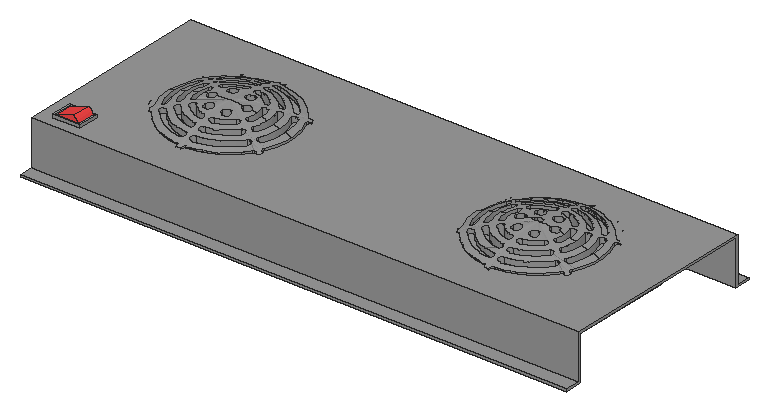
Revit family "ITK Вентиляторная панель с выключателем_21М", category Электрооборудование, Revit 2016
Family settings
  Тип детали = Другая панель
  Размер круглого соединителя = Использовать диаметр
  На основе рабочей плоскости = Нет
  Всегда вертикально = Да
  При загрузке вырезать с полостями = Нет
  Общий = Нет
  Точка расчета площади = Нет
Parameters (values of type "FM35-21M")
  Ширина = 470 mm
  Степень защиты = "IP20"
  Совместимость = "Linea N, W"
  Описание = "Панели вентиляторные ITK серии ПВ предназначены для установки и использования в настенных шкафах серии LINEA W и сетевых шкафах LINEA N для организации принудительного охлаждения и вентиляции установленного в них активного (серверы, дисковые массивы, коммутаторы, ИБП и др.) оборудования и вывода из шкафа горячего воздуха.\r\n\r\nПанели серии ПВ комплектуются выключателем со светоиндикацией, имеют два или три вентиляторных модуля и в зависимости от модели могут оснащаться биметаллическим термостатом (тип NO).\r\nДиапазон регулировки температуры термостата: от 0 до 60°С.\r\nНоминальное рабочее напряжение: 230В. Частота тока: 50Гц.\r\nМинимальный срок службы: 50 тыс. часов.\r\nПодача рабочего напряжения на вентиляторную панель осуществляется через встроенный разъем питания С14 10А/250В.\r\n\r\nВнимание! Кабель электропитания для подключения к сети в комплект поставки не входит.\r\n\r\nВентиляторные панели устанавливаются в крыше шкафа на специально предусмотренное посадочное место и не занимают полезной высоты 19-дюймовых монтажных профилей.\r\nМаксимальное количество устанавливаемых в шкаф вентиляторных панелей в зависимости от его серии и габаритов:\r\nLINEA W 600x450 мм - 1 шт.\r\nLINEA W 600x600 мм - 2 шт.\r\nLINEA N 600x600 мм - 2 шт.\r\nLINEA N 600x800 мм - 3 шт.\r\nLINEA N 600x1000 мм - 4 шт.\r\nСовместимы со всеми 19-доймовыми шкафами и стойками ITK.\r\nОбладают современным привлекательным дизайном и продуманной конструкцией.\r\nУдобны в монтаже и эксплуатации.\r\nСоответствие международным стандартам ISO9001, IEC 297, ISO/IEC 11801. \r\nСертифицированы по ГОСТ Р.\r\nВсе аксессуары идут с крепежом.\r\nВозможно исполнение в двух цветах: серый (RAL7035) и черный (RAL9005).\r\nВсегда в наличии на складе.\r\nГарантия на все аксессуары до 2-х лет."  # constant formula
  Материал = Окраска - RAL 7035
  Type Comments = ""
  Изготовитель = "ITK"  # constant formula
  Глубина = 171 mm
  Высота = 52 mm
  URL = "http://www.itk-group.ru/produktsiya/catalog/?page=detail&article=FM05-21M"
  ADSK_Ток = ADSK_Номинальная мощность / (ADSK_Коэффициент мощности * ADSK_Напряжение * sqrt(ADSK_Количество фаз числовое))  # 0.00454545 A
  ADSK_Примечание = ""
  ADSK_Полная мощность = ADSK_Номинальная мощность / ADSK_Коэффициент мощности  # 1 VA
  ADSK_Позиция [instance] = ""
  ADSK_Номинальная мощность = 1 W
  ADSK_Напряжение = 220 V
  ADSK_Наименование краткое = "FM35-21M"
  ADSK_Наименование = "ITK Вентиляторная панель с выключателем, 2 модуля, серая"
  ADSK_Масса = 0
  ADSK_Марка = "FM35-21M"
  ADSK_Коэффициент мощности = 1
  ADSK_Количество фаз числовое = 1
  ADSK_Количество фаз = 1
  ADSK_Код изделия = ""
  ADSK_Классификация нагрузок = Прочее
  ADSK_Завод-изготовитель = "IEK"  # constant formula
  ADSK_Единица измерения = "шт"  # constant formula
  ADSK_Группирование = ""
Types (2, lengths in mm): name | Материал | ADSK_Наименование краткое | ADSK_Наименование | ADSK_Марка
  FM05-21M | Окраска - RAL 9005 | "FM05-21M" | "ITK Вентиляторная панель с выключателем, 2 модуля, черная" | "FM05-21M"
  FM35-21M | Окраска - RAL 7035 | "FM35-21M" | "ITK Вентиляторная панель с выключателем, 2 модуля, серая" | "FM35-21M"
Reference planes
  plane 1 "По центру (Вперед/Назад)": y = 0
  plane 2: z = 0
  plane 3 "По центру (Влево/Вправо)": x = 0
  plane 4 "Ширина(начало)": x = -235
  plane 5: x = 235
  plane 6: z = 52
  plane 7 "Выключатель": y = -67.326
Forms (mm)
  Extrusion 1, void
    sketch origin (0, 54, 0) x (1, 0, 0) y (0, 1, 0)
      loop
        arc (-80.768, -79.079) -> (-75.25, -54.5) -> (-80.768, -29.921) r 57.5
        arc (-80.768, -29.921) -> (-84.097, -28.729) -> (-85.288, -32.058) r 2.5
        arc (-85.288, -32.058) -> (-80.25, -54.5) -> (-85.288, -76.942) r 52.5
        arc (-85.288, -76.942) -> (-84.097, -80.271) -> (-80.768, -79.079) r 2.5
      loop
        arc (-128.045, -111.807) -> (-104, -104.296) -> (-85.473, -87.228) r 57.5
        arc (-85.473, -87.228) -> (-86.105, -83.749) -> (-89.584, -84.382) r 2.5
        arc (-89.584, -84.382) -> (-106.5, -99.966) -> (-128.455, -106.824) r 52.5
        arc (-128.455, -106.824) -> (-130.742, -109.52) -> (-128.045, -111.807) r 2.5
      loop
        arc (-180.027, -87.228) -> (-161.5, -104.296) -> (-137.455, -111.807) r 57.5
        arc (-137.455, -111.807) -> (-134.758, -109.52) -> (-137.045, -106.824) r 2.5
        arc (-137.045, -106.824) -> (-159, -99.966) -> (-175.916, -84.382) r 52.5
        arc (-175.916, -84.382) -> (-179.395, -83.749) -> (-180.027, -87.228) r 2.5
      loop
        arc (-184.732, -29.921) -> (-190.25, -54.5) -> (-184.732, -79.079) r 57.5
        arc (-184.732, -79.079) -> (-181.403, -80.271) -> (-180.212, -76.942) r 2.5
        arc (-180.212, -76.942) -> (-185.25, -54.5) -> (-180.212, -32.058) r 52.5
        arc (-180.212, -32.058) -> (-181.403, -28.729) -> (-184.732, -29.921) r 2.5
      loop
        arc (-137.455, 2.807) -> (-161.5, -4.704) -> (-180.027, -21.772) r 57.5
        arc (-180.027, -21.772) -> (-179.395, -25.251) -> (-175.916, -24.618) r 2.5
        arc (-175.916, -24.618) -> (-159, -9.034) -> (-137.045, -2.176) r 52.5
        arc (-137.045, -2.176) -> (-134.758, 0.52) -> (-137.455, 2.807) r 2.5
      loop
        arc (-89.584, -24.618) -> (-86.105, -25.251) -> (-85.473, -21.772) r 2.5
        arc (-85.473, -21.772) -> (-104, -4.704) -> (-128.045, 2.807) r 57.5
        arc (-128.045, 2.807) -> (-130.742, 0.52) -> (-128.455, -2.176) r 2.5
        arc (-128.455, -2.176) -> (-106.5, -9.034) -> (-89.584, -24.618) r 52.5
      loop
        arc (-106.927, -34.766) -> (-103.423, -35.235) -> (-102.954, -31.73) r 2.5
        arc (-102.954, -31.73) -> (-114, -22.024) -> (-127.929, -17.311) r 37.5
        arc (-127.929, -17.311) -> (-130.729, -19.469) -> (-128.571, -22.27) r 2.5
        arc (-128.571, -22.27) -> (-116.5, -26.354) -> (-106.927, -34.766) r 32.5
      loop
        arc (-136.929, -22.27) -> (-134.771, -19.469) -> (-137.571, -17.311) r 2.5
        arc (-137.571, -17.311) -> (-151.5, -22.024) -> (-162.546, -31.73) r 37.5
        arc (-162.546, -31.73) -> (-162.077, -35.235) -> (-158.573, -34.766) r 2.5
        arc (-158.573, -34.766) -> (-149, -26.354) -> (-136.929, -22.27) r 32.5
      loop
        arc (-162.752, -42.004) -> (-164.098, -38.735) -> (-167.367, -40.081) r 2.5
        arc (-167.367, -40.081) -> (-170.25, -54.5) -> (-167.367, -68.919) r 37.5
        arc (-167.367, -68.919) -> (-164.098, -70.265) -> (-162.752, -66.996) r 2.5
        arc (-162.752, -66.996) -> (-165.25, -54.5) -> (-162.752, -42.004) r 32.5
      loop
        arc (-158.573, -74.234) -> (-162.077, -73.765) -> (-162.546, -77.27) r 2.5
        arc (-162.546, -77.27) -> (-151.5, -86.976) -> (-137.571, -91.689) r 37.5
        arc (-137.571, -91.689) -> (-134.771, -89.531) -> (-136.929, -86.73) r 2.5
        arc (-136.929, -86.73) -> (-149, -82.646) -> (-158.573, -74.234) r 32.5
      loop
        arc (-128.7, -76.632) -> (-130.709, -79.542) -> (-127.8, -81.551) r 2.5
        arc (-127.8, -81.551) -> (-119, -78.316) -> (-111.798, -72.312) r 27.5
        arc (-111.798, -72.312) -> (-112.084, -68.788) -> (-115.608, -69.074) r 2.5
        arc (-115.608, -69.074) -> (-121.5, -73.986) -> (-128.7, -76.632) r 22.5
      loop
        arc (-111.558, -62.059) -> (-110.043, -65.253) -> (-106.848, -63.739) r 2.5
        arc (-106.848, -63.739) -> (-105.25, -54.5) -> (-106.848, -45.261) r 27.5
        arc (-106.848, -45.261) -> (-110.043, -43.747) -> (-111.558, -46.941) r 2.5
        arc (-111.558, -46.941) -> (-110.25, -54.5) -> (-111.558, -62.059) r 22.5
      loop
        arc (-102.748, -66.996) -> (-101.402, -70.265) -> (-98.133, -68.919) r 2.5
        arc (-98.133, -68.919) -> (-95.25, -54.5) -> (-98.133, -40.081) r 37.5
        arc (-98.133, -40.081) -> (-101.402, -38.735) -> (-102.748, -42.004) r 2.5
        arc (-102.748, -42.004) -> (-100.25, -54.5) -> (-102.748, -66.996) r 32.5
      loop
        arc (-94.003, -71.963) -> (-92.751, -75.269) -> (-89.445, -74.017) r 2.5
        arc (-89.445, -74.017) -> (-85.25, -54.5) -> (-89.445, -34.983) r 47.5
        arc (-89.445, -34.983) -> (-92.751, -33.731) -> (-94.003, -37.037) r 2.5
        arc (-94.003, -37.037) -> (-90.25, -54.5) -> (-94.003, -71.963) r 42.5
      loop
        arc (-98.253, -29.676) -> (-94.764, -30.245) -> (-94.195, -26.755) r 2.5
        arc (-94.195, -26.755) -> (-109, -13.364) -> (-128, -7.238) r 47.5
        arc (-128, -7.238) -> (-130.737, -9.476) -> (-128.5, -12.213) r 2.5
        arc (-128.5, -12.213) -> (-111.5, -17.694) -> (-98.253, -29.676) r 42.5
      loop
        arc (-137, -12.213) -> (-134.763, -9.476) -> (-137.5, -7.238) r 2.5
        arc (-137.5, -7.238) -> (-156.5, -13.364) -> (-171.305, -26.755) r 47.5
        arc (-171.305, -26.755) -> (-170.736, -30.245) -> (-167.247, -29.676) r 2.5
        arc (-167.247, -29.676) -> (-154, -17.694) -> (-137, -12.213) r 42.5
      loop
        arc (-171.497, -37.037) -> (-172.749, -33.731) -> (-176.055, -34.983) r 2.5
        arc (-176.055, -34.983) -> (-180.25, -54.5) -> (-176.055, -74.017) r 47.5
        arc (-176.055, -74.017) -> (-172.749, -75.269) -> (-171.497, -71.963) r 2.5
        arc (-171.497, -71.963) -> (-175.25, -54.5) -> (-171.497, -37.037) r 42.5
      loop
        arc (-167.247, -79.324) -> (-170.736, -78.755) -> (-171.305, -82.245) r 2.5
        arc (-171.305, -82.245) -> (-156.5, -95.636) -> (-137.5, -101.762) r 47.5
        arc (-137.5, -101.762) -> (-134.763, -99.524) -> (-137, -96.787) r 2.5
        arc (-137, -96.787) -> (-154, -91.306) -> (-167.247, -79.324) r 42.5
      loop
        arc (-128, -101.762) -> (-109, -95.636) -> (-94.195, -82.245) r 47.5
        arc (-94.195, -82.245) -> (-94.764, -78.755) -> (-98.253, -79.324) r 2.5
        arc (-98.253, -79.324) -> (-111.5, -91.306) -> (-128.5, -96.787) r 42.5
        arc (-128.5, -96.787) -> (-130.737, -99.524) -> (-128, -101.762) r 2.5
      loop
        arc (-127.929, -91.689) -> (-114, -86.976) -> (-102.954, -77.27) r 37.5
        arc (-102.954, -77.27) -> (-103.423, -73.765) -> (-106.927, -74.234) r 2.5
        arc (-106.927, -74.234) -> (-116.5, -82.646) -> (-128.571, -86.73) r 32.5
        arc (-128.571, -86.73) -> (-130.729, -89.531) -> (-127.929, -91.689) r 2.5
      loop
        circle (-140.25, -67.49) r 4
      loop
        circle (-125.25, -67.49) r 4
      loop
        circle (-117.75, -54.5) r 4
      loop
        circle (-125.25, -41.51) r 4
      loop
        arc (-136.8, -32.368) -> (-134.791, -29.458) -> (-137.7, -27.449) r 2.5
        arc (-137.7, -27.449) -> (-146.5, -30.684) -> (-153.702, -36.688) r 27.5
        arc (-153.702, -36.688) -> (-153.416, -40.212) -> (-149.892, -39.926) r 2.5
        arc (-149.892, -39.926) -> (-144, -35.014) -> (-136.8, -32.368) r 22.5
      loop
        arc (-149.892, -69.074) -> (-153.416, -68.788) -> (-153.702, -72.312) r 2.5
        arc (-153.702, -72.312) -> (-146.5, -78.316) -> (-137.7, -81.551) r 27.5
        arc (-137.7, -81.551) -> (-134.791, -79.542) -> (-136.8, -76.632) r 2.5
        arc (-136.8, -76.632) -> (-144, -73.986) -> (-149.892, -69.074) r 22.5
      loop
        arc (-115.608, -39.926) -> (-112.084, -40.212) -> (-111.798, -36.688) r 2.5
        arc (-111.798, -36.688) -> (-119, -30.684) -> (-127.8, -27.449) r 27.5
        arc (-127.8, -27.449) -> (-130.709, -29.458) -> (-128.7, -32.368) r 2.5
        arc (-128.7, -32.368) -> (-121.5, -35.014) -> (-115.608, -39.926) r 22.5
      loop
        circle (-140.25, -41.51) r 4
      loop
        arc (-153.942, -46.941) -> (-155.457, -43.747) -> (-158.652, -45.261) r 2.5
        arc (-158.652, -45.261) -> (-160.25, -54.5) -> (-158.652, -63.739) r 27.5
        arc (-158.652, -63.739) -> (-155.457, -65.253) -> (-153.942, -62.059) r 2.5
        arc (-153.942, -62.059) -> (-155.25, -54.5) -> (-153.942, -46.941) r 22.5
      loop
        circle (-147.75, -54.5) r 4
      loop
        arc (84.848, -87.228) -> (103.375, -104.296) -> (127.42, -111.807) r 57.5
        arc (127.42, -111.807) -> (130.117, -109.52) -> (127.83, -106.824) r 2.5
        arc (127.83, -106.824) -> (105.875, -99.966) -> (88.959, -84.382) r 52.5
        arc (88.959, -84.382) -> (85.48, -83.749) -> (84.848, -87.228) r 2.5
      loop
        arc (136.83, -111.807) -> (160.875, -104.296) -> (179.402, -87.228) r 57.5
        arc (179.402, -87.228) -> (178.77, -83.749) -> (175.291, -84.382) r 2.5
        arc (175.291, -84.382) -> (158.375, -99.966) -> (136.42, -106.824) r 52.5
        arc (136.42, -106.824) -> (134.133, -109.52) -> (136.83, -111.807) r 2.5
      loop
        arc (184.107, -79.079) -> (189.625, -54.5) -> (184.107, -29.921) r 57.5
        arc (184.107, -29.921) -> (180.778, -28.729) -> (179.587, -32.058) r 2.5
        arc (179.587, -32.058) -> (184.625, -54.5) -> (179.587, -76.942) r 52.5
        arc (179.587, -76.942) -> (180.778, -80.271) -> (184.107, -79.079) r 2.5
      loop
        arc (179.402, -21.772) -> (160.875, -4.704) -> (136.83, 2.807) r 57.5
        arc (136.83, 2.807) -> (134.133, 0.52) -> (136.42, -2.176) r 2.5
        arc (136.42, -2.176) -> (158.375, -9.034) -> (175.291, -24.618) r 52.5
        arc (175.291, -24.618) -> (178.77, -25.251) -> (179.402, -21.772) r 2.5
      loop
        arc (127.42, 2.807) -> (103.375, -4.704) -> (84.848, -21.772) r 57.5
        arc (84.848, -21.772) -> (85.48, -25.251) -> (88.959, -24.618) r 2.5
        arc (88.959, -24.618) -> (105.875, -9.034) -> (127.83, -2.176) r 52.5
        arc (127.83, -2.176) -> (130.117, 0.52) -> (127.42, 2.807) r 2.5
      loop
        arc (80.143, -29.921) -> (74.625, -54.5) -> (80.143, -79.079) r 57.5
        arc (80.143, -79.079) -> (83.472, -80.271) -> (84.663, -76.942) r 2.5
        arc (84.663, -76.942) -> (79.625, -54.5) -> (84.663, -32.058) r 52.5
        arc (84.663, -32.058) -> (83.472, -28.729) -> (80.143, -29.921) r 2.5
      loop
        arc (93.378, -37.037) -> (92.126, -33.731) -> (88.82, -34.983) r 2.5
        arc (88.82, -34.983) -> (84.625, -54.5) -> (88.82, -74.017) r 47.5
        arc (88.82, -74.017) -> (92.126, -75.269) -> (93.378, -71.963) r 2.5
        arc (93.378, -71.963) -> (89.625, -54.5) -> (93.378, -37.037) r 42.5
      loop
        arc (102.123, -42.004) -> (100.777, -38.735) -> (97.508, -40.081) r 2.5
        arc (97.508, -40.081) -> (94.625, -54.5) -> (97.508, -68.919) r 37.5
        arc (97.508, -68.919) -> (100.777, -70.265) -> (102.123, -66.996) r 2.5
        arc (102.123, -66.996) -> (99.625, -54.5) -> (102.123, -42.004) r 32.5
      loop
        arc (110.933, -46.941) -> (109.418, -43.747) -> (106.223, -45.261) r 2.5
        arc (106.223, -45.261) -> (104.625, -54.5) -> (106.223, -63.739) r 27.5
        arc (106.223, -63.739) -> (109.418, -65.253) -> (110.933, -62.059) r 2.5
        arc (110.933, -62.059) -> (109.625, -54.5) -> (110.933, -46.941) r 22.5
      loop
        arc (114.983, -69.074) -> (111.459, -68.788) -> (111.173, -72.312) r 2.5
        arc (111.173, -72.312) -> (118.375, -78.316) -> (127.175, -81.551) r 27.5
        arc (127.175, -81.551) -> (130.084, -79.542) -> (128.075, -76.632) r 2.5
        arc (128.075, -76.632) -> (120.875, -73.986) -> (114.983, -69.074) r 22.5
      loop
        arc (106.302, -74.234) -> (102.798, -73.765) -> (102.329, -77.27) r 2.5
        arc (102.329, -77.27) -> (113.375, -86.976) -> (127.304, -91.689) r 37.5
        arc (127.304, -91.689) -> (130.104, -89.531) -> (127.946, -86.73) r 2.5
        arc (127.946, -86.73) -> (115.875, -82.646) -> (106.302, -74.234) r 32.5
      loop
        arc (97.628, -79.324) -> (94.139, -78.755) -> (93.57, -82.245) r 2.5
        arc (93.57, -82.245) -> (108.375, -95.636) -> (127.375, -101.762) r 47.5
        arc (127.375, -101.762) -> (130.112, -99.524) -> (127.875, -96.787) r 2.5
        arc (127.875, -96.787) -> (110.875, -91.306) -> (97.628, -79.324) r 42.5
      loop
        arc (136.875, -101.762) -> (155.875, -95.636) -> (170.68, -82.245) r 47.5
        arc (170.68, -82.245) -> (170.111, -78.755) -> (166.622, -79.324) r 2.5
        arc (166.622, -79.324) -> (153.375, -91.306) -> (136.375, -96.787) r 42.5
        arc (136.375, -96.787) -> (134.138, -99.524) -> (136.875, -101.762) r 2.5
      loop
        arc (136.946, -91.689) -> (150.875, -86.976) -> (161.921, -77.27) r 37.5
        arc (161.921, -77.27) -> (161.452, -73.765) -> (157.948, -74.234) r 2.5
        arc (157.948, -74.234) -> (148.375, -82.646) -> (136.304, -86.73) r 32.5
        arc (136.304, -86.73) -> (134.146, -89.531) -> (136.946, -91.689) r 2.5
      loop
        arc (137.075, -81.551) -> (145.875, -78.316) -> (153.077, -72.312) r 27.5
        arc (153.077, -72.312) -> (152.791, -68.788) -> (149.267, -69.074) r 2.5
        arc (149.267, -69.074) -> (143.375, -73.986) -> (136.175, -76.632) r 22.5
        arc (136.175, -76.632) -> (134.166, -79.542) -> (137.075, -81.551) r 2.5
      loop
        arc (128.075, -32.368) -> (130.084, -29.458) -> (127.175, -27.449) r 2.5
        arc (127.175, -27.449) -> (118.375, -30.684) -> (111.173, -36.688) r 27.5
        arc (111.173, -36.688) -> (111.459, -40.212) -> (114.983, -39.926) r 2.5
        arc (114.983, -39.926) -> (120.875, -35.014) -> (128.075, -32.368) r 22.5
      loop
        arc (127.946, -22.27) -> (130.104, -19.469) -> (127.304, -17.311) r 2.5
        arc (127.304, -17.311) -> (113.375, -22.024) -> (102.329, -31.73) r 37.5
        arc (102.329, -31.73) -> (102.798, -35.235) -> (106.302, -34.766) r 2.5
        arc (106.302, -34.766) -> (115.875, -26.354) -> (127.946, -22.27) r 32.5
      loop
        arc (127.875, -12.213) -> (130.112, -9.476) -> (127.375, -7.238) r 2.5
        arc (127.375, -7.238) -> (108.375, -13.364) -> (93.57, -26.755) r 47.5
        arc (93.57, -26.755) -> (94.139, -30.245) -> (97.628, -29.676) r 2.5
        arc (97.628, -29.676) -> (110.875, -17.694) -> (127.875, -12.213) r 42.5
      loop
        arc (166.622, -29.676) -> (170.111, -30.245) -> (170.68, -26.755) r 2.5
        arc (170.68, -26.755) -> (155.875, -13.364) -> (136.875, -7.238) r 47.5
        arc (136.875, -7.238) -> (134.138, -9.476) -> (136.375, -12.213) r 2.5
        arc (136.375, -12.213) -> (153.375, -17.694) -> (166.622, -29.676) r 42.5
      loop
        arc (157.948, -34.766) -> (161.452, -35.235) -> (161.921, -31.73) r 2.5
        arc (161.921, -31.73) -> (150.875, -22.024) -> (136.946, -17.311) r 37.5
        arc (136.946, -17.311) -> (134.146, -19.469) -> (136.304, -22.27) r 2.5
        arc (136.304, -22.27) -> (148.375, -26.354) -> (157.948, -34.766) r 32.5
      loop
        arc (149.267, -39.926) -> (152.791, -40.212) -> (153.077, -36.688) r 2.5
        arc (153.077, -36.688) -> (145.875, -30.684) -> (137.075, -27.449) r 27.5
        arc (137.075, -27.449) -> (134.166, -29.458) -> (136.175, -32.368) r 2.5
        arc (136.175, -32.368) -> (143.375, -35.014) -> (149.267, -39.926) r 22.5
      loop
        circle (117.125, -54.5) r 4
      loop
        circle (139.625, -67.49) r 4
      loop
        circle (147.125, -54.5) r 4
      loop
        circle (139.625, -41.51) r 4
      loop
        circle (124.625, -41.51) r 4
      loop
        circle (124.625, -67.49) r 4
      loop
        arc (153.317, -62.059) -> (154.832, -65.253) -> (158.027, -63.739) r 2.5
        arc (158.027, -63.739) -> (159.625, -54.5) -> (158.027, -45.261) r 27.5
        arc (158.027, -45.261) -> (154.832, -43.747) -> (153.317, -46.941) r 2.5
        arc (153.317, -46.941) -> (154.625, -54.5) -> (153.317, -62.059) r 22.5
      loop
        arc (166.742, -68.919) -> (169.625, -54.5) -> (166.742, -40.081) r 37.5
        arc (166.742, -40.081) -> (163.473, -38.735) -> (162.127, -42.004) r 2.5
        arc (162.127, -42.004) -> (164.625, -54.5) -> (162.127, -66.996) r 32.5
        arc (162.127, -66.996) -> (163.473, -70.265) -> (166.742, -68.919) r 2.5
      loop
        arc (175.43, -74.017) -> (179.625, -54.5) -> (175.43, -34.983) r 47.5
        arc (175.43, -34.983) -> (172.124, -33.731) -> (170.872, -37.037) r 2.5
        arc (170.872, -37.037) -> (174.625, -54.5) -> (170.872, -71.963) r 42.5
        arc (170.872, -71.963) -> (172.124, -75.269) -> (175.43, -74.017) r 2.5
    from 38.165 to 87.544
  Revolve 2, solid, material "Окраска - RAL 7035" <- "Материал", detail levels fine
    sketch origin (-2000, 0, 1199.062) x (-1, 0, 0) y (0, 0, 1)
      loop
        arc (-1867.476, -1146.728) -> (-1898.028, -1150.848) -> (-1927.292, -1160.544) r 166.079
        line (-1927.292, -1160.544) -> (-1867.476, -1160.544) -> (-1867.476, -1146.728)
      axis (-1867.476, -1160.544) -> (-1867.476, -1146.728)
    angle from 0 to 360
  Extrusion 3, solid, material "Окраска - RAL 7035" <- "Материал", detail levels fine
    sketch origin (0, 0, 0) x (1, 0, 0) y (0, 1, 0)
      loop
        line (-72.499, -38.81) -> (-72.499, 55.999)
        arc (-72.499, 55.999) -> (-73.672, 58.829) -> (-76.503, 60) r 4.001
        line (-76.503, 60) -> (-188.499, 60)
        arc (-188.499, 60) -> (-191.329, 58.826) -> (-192.499, 55.994) r 4
        line (-192.499, 55.994) -> (-192.499, -56.002)
        arc (-192.499, -56.002) -> (-191.329, -58.828) -> (-188.503, -60.001) r 3.999
        line (-188.503, -60.001) -> (-76.499, -60.001)
        arc (-76.499, -60.001) -> (-73.671, -58.83) -> (-72.499, -56.004) r 4
        line (-72.499, -56.004) -> (-72.499, -38.81)
      loop
        arc (188.486, -60) -> (191.315, -58.828) -> (192.486, -56) r 4
        line (192.486, -56) -> (192.486, 56.039)
        arc (192.486, 56.039) -> (191.321, 58.851) -> (188.509, 60.016) r 3.978
        line (188.509, 60.016) -> (76.474, 60.016)
        arc (76.474, 60.016) -> (73.662, 58.851) -> (72.497, 56.039) r 3.978
        line (72.497, 56.039) -> (72.497, -56)
        arc (72.497, -56) -> (73.668, -58.828) -> (76.497, -60) r 4
        line (76.497, -60) -> (188.486, -60)
    from 0 to 38.165
  Revolve 4, solid, material "Окраска - RAL 7035" <- "Материал", detail levels fine
    sketch origin (2000, 0, 1199.062) x (1, 0, 0) y (0, 0, 1)
      loop
        arc (-1867.476, -1147.112) -> (-1898.155, -1151.08) -> (-1927.567, -1160.662) r 166.279
        line (-1927.567, -1160.662) -> (-1867.476, -1160.662) -> (-1867.476, -1147.112)
      axis (-1867.476, -1160.662) -> (-1867.476, -1147.112)
    angle from 0 to 360
  Sweep 5, solid, material "Окраска - RAL 7035" <- "Материал", detail levels fine
    path origin (0, 0, 0) x (1, 0, 0) y (0, 1, 0)
      loop
        line (-235, -120.5) -> (235, -120.5)
    profile origin (0, -120.5, 0) x (0, 1, 0) y (0, 0, 1)
      loop
        line (217.608, 0) -> (217.608, 1.884) -> (206, 1.884) -> (206, 40.4) -> (34.953, 40.4) -> (34.953, 1.884) -> (22.608, 1.884) -> (22.608, 0) -> (36.953, 0) -> (36.953, 38.4) -> (204, 38.4) -> (204, 0) -> (217.608, 0)
  Extrusion 6, solid, material "Остекление(красный)", detail levels fine
    sketch origin (-3.102, 0, 0) x (1, 0, 0) y (0, 0, 1)
      loop
        line (-219.229, 40.4) -> (-199.229, 40.4)
        arc (-199.229, 40.4) -> (-200.746, 44.482) -> (-203.523, 47.837) r 13.032
        line (-203.523, 47.837) -> (-219.229, 43.035) -> (-219.229, 40.4)
    from 60.001 to 75.329
  Sweep 7, solid, material "Окраска - RAL 7035" <- "Материал", detail levels fine
    path origin (0, 0, 0) x (0, 1, 0) y (0, 0, 1)
      loop
        line (-75.329, 40.4) -> (-75.329, 43.035)
    profile origin (0, -75.329, 41.717) x (0, -1, 0) y (1, 0, 0)
      loop
        line (0, -222.331) -> (0, -202.331) -> (-15.328, -202.331) -> (-15.328, -222.331) -> (0, -222.331)
      loop
        line (-16.43, -223.965) -> (1.341, -223.965) -> (1.341, -200.657) -> (-16.43, -200.657) -> (-16.43, -223.965)
Cuts and joins
  Extrusion 1 cuts Revolve 2
  Extrusion 1 cuts Revolve 4
  joined: Revolve 2, Revolve 4
Dimensions and locks
  equal spacing: plane 4 "Ширина(начало)", plane 3 "По центру (Влево/Вправо)", plane 5
  "Ширина": plane 4 "Ширина(начало)" to plane 5
  "Высота": plane 6 to level
  aligned and locked: level to plane 2
  aligned and locked: Sweep 7 sketch curve to Extrusion 6  (x4)
Automatic sketch dimensions
  Extrusion 1 sketch curve to Extrusion 1 sketch curve = 0 mm  (x4680)
  Extrusion 1 sketch curve to plane 1 "По центру (Вперед/Назад)" = 23.011 mm  (x2)
  plane 4 "Ширина(начало)" to Extrusion 1 sketch curve = 52.528 mm
  Extrusion 1 sketch curve to Extrusion 1 sketch curve = 4.5 mm  (x32)
  Extrusion 1 sketch curve to Extrusion 1 sketch curve = 8.696 mm  (x8)
  Extrusion 1 sketch curve to Extrusion 1 sketch curve = 8.716 mm  (x8)
  Extrusion 1 sketch curve to Extrusion 1 sketch curve = 8.762 mm  (x8)
  plane 1 "По центру (Вперед/Назад)" to Extrusion 1 sketch curve = 0.5 mm  (x6)
  Extrusion 1 sketch curve to Extrusion 1 sketch curve = 8.547 mm  (x2)
  Extrusion 1 sketch curve to Extrusion 1 sketch curve = 11.547 mm  (x8)
  Extrusion 1 sketch curve to Extrusion 1 sketch curve = 3 mm  (x8)
  Extrusion 1 sketch curve to Extrusion 1 sketch curve = 7.5 mm  (x4)
  Extrusion 1 sketch curve to Extrusion 1 sketch curve = 9 mm  (x16)
  plane 3 "По центру (Влево/Вправо)" to Extrusion 1 sketch curve = 82.403 mm
  plane 1 "По центру (Вперед/Назад)" to Extrusion 1 sketch curve = 8.899 mm  (x4)
  plane 1 "По центру (Вперед/Назад)" to Extrusion 1 sketch curve = 13.49 mm  (x4)
  Extrusion 1 sketch curve to Extrusion 1 sketch curve = 5.059 mm  (x8)
  Extrusion 1 sketch curve to Extrusion 1 sketch curve = 7.794 mm  (x32)
  Extrusion 1 sketch curve to Extrusion 1 sketch curve = 5.032 mm  (x6)
  Extrusion 1 sketch curve to Extrusion 1 sketch curve = 5.021 mm  (x8)
  Extrusion 1 sketch curve to Extrusion 1 sketch curve = 11.601 mm  (x4)
  Extrusion 1 sketch curve to Extrusion 1 sketch curve = 10.118 mm  (x4)
  Extrusion 1 sketch curve to Extrusion 1 sketch curve = 10.065 mm  (x4)
  Extrusion 1 sketch curve to Extrusion 1 sketch curve = 10.041 mm  (x4)
  Extrusion 1 sketch curve to plane 1 "По центру (Вперед/Назад)" = 7.899 mm  (x4)
  Extrusion 1 sketch curve to plane 1 "По центру (Вперед/Назад)" = 12.49 mm  (x4)
  Extrusion 1 sketch curve to Extrusion 1 sketch curve = 2.26 mm  (x8)
  Extrusion 1 sketch curve to Extrusion 1 sketch curve = 2.056 mm  (x4)
  Extrusion 1 sketch curve to Extrusion 1 sketch curve = 2.279 mm  (x5)
  Extrusion 1 sketch curve to Extrusion 1 sketch curve = 2.029 mm  (x4)
  Extrusion 1 sketch curve to Extrusion 1 sketch curve = 2.308 mm  (x4)
  Extrusion 1 sketch curve to Extrusion 1 sketch curve = 1.986 mm  (x4)
  Extrusion 1 sketch curve to Extrusion 1 sketch curve = 2.355 mm  (x5)
  Extrusion 1 sketch curve to Extrusion 1 sketch curve = 1.905 mm  (x4)
  Extrusion 1 sketch curve to Extrusion 1 sketch curve = 0.45 mm  (x4)
  Extrusion 1 sketch curve to Extrusion 1 sketch curve = 0.321 mm  (x4)
  Extrusion 1 sketch curve to Extrusion 1 sketch curve = 0.25 mm  (x4)
  Extrusion 1 sketch curve to Extrusion 1 sketch curve = 0.205 mm  (x4)
  plane 3 "По центру (Влево/Вправо)" to Revolve 2 sketch curve = 72.708 mm
  Revolve 2 sketch curve to Revolve 2 sketch curve = 59.817 mm
  Revolve 2 sketch curve to plane 4 "Ширина(начало)" = 95.652 mm
  level to Revolve 2 sketch curve = 113.604 mm
  Revolve 2 sketch curve to Revolve 2 sketch curve = 0 mm
  Revolve 2 sketch curve to Revolve 2 sketch curve = 0.944 mm
  Revolve 2 sketch curve to Revolve 2 sketch curve = 1.572 mm
  plane 4 "Ширина(начало)" to Extrusion 3 sketch curve = 42.501 mm
  Extrusion 3 sketch curve to Extrusion 3 sketch curve = 3.995 mm
  Extrusion 3 sketch curve to Extrusion 3 sketch curve = 3.999 mm
  Extrusion 3 sketch curve to Extrusion 3 sketch curve = 4 mm  (x4)
  Extrusion 3 sketch curve to plane 3 "По центру (Влево/Вправо)" = 76.503 mm
  Extrusion 3 sketch curve to Extrusion 3 sketch curve = 0.003 mm
  Extrusion 3 sketch curve to plane 3 "По центру (Влево/Вправо)" = 76.499 mm
  Extrusion 3 sketch curve to Extrusion 3 sketch curve = 4.001 mm
  Extrusion 3 sketch curve to Extrusion 3 sketch curve = 3.978 mm
  plane 5 to Extrusion 3 sketch curve = 46.514 mm
  plane 5 to Extrusion 3 sketch curve = 46.491 mm
  plane 1 "По центру (Вперед/Назад)" to Extrusion 3 sketch curve = 56 mm
  plane 1 "По центру (Вперед/Назад)" to Extrusion 3 sketch curve = 56.001 mm
  plane 1 "По центру (Вперед/Назад)" to Extrusion 3 sketch curve = 56.002 mm
  Extrusion 3 sketch curve to plane 1 "По центру (Вперед/Назад)" = 55.994 mm
  Extrusion 3 sketch curve to plane 1 "По центру (Вперед/Назад)" = 55.999 mm
  Extrusion 3 sketch curve to plane 1 "По центру (Вперед/Назад)" = 56.039 mm
  Extrusion 3 sketch curve to Extrusion 3 sketch curve = 17.194 mm
  Extrusion 3 sketch curve to Extrusion 3 sketch curve = 0 mm
  plane 3 "По центру (Влево/Вправо)" to Extrusion 3 sketch curve = 72.497 mm
  Revolve 2 sketch curve to level = 38.519 mm
  Sweep 5 sketch curve to plane 4 "Ширина(начало)" = 0 mm
  Sweep 5 sketch curve to plane 5 = 0 mm
  plane 1 "По центру (Вперед/Назад)" to Sweep 5 sketch curve = 120.5 mm
  Sweep 5 sketch curve to level = 0 mm  (x2)
  level to Sweep 5 sketch curve = 1.884 mm  (x2)
  Sweep 5 sketch curve to profile plane = 22.608 mm
  Sweep 5 sketch curve to profile plane = 34.953 mm
  Sweep 5 sketch curve to Sweep 5 sketch curve = 167.047 mm
  Sweep 5 sketch curve to Sweep 5 sketch curve = 11.608 mm
  Sweep 5 sketch curve to Sweep 5 sketch curve = 2 mm  (x3)
  Sweep 5 sketch curve to Sweep 5 sketch curve = 36.516 mm
  Revolve 4 sketch curve to plane 6 = 13.6 mm
  plane 5 to Revolve 4 sketch curve = 102.476 mm
  plane 5 to Revolve 4 sketch curve = 96.578 mm
  Revolve 4 sketch curve to level = 114.224 mm
  Revolve 4 sketch curve to plane 6 = 0.05 mm
  Revolve 4 sketch curve to Revolve 4 sketch curve = 0 mm
  Revolve 4 sketch curve to Revolve 4 sketch curve = 1.062 mm
  Revolve 4 sketch curve to Revolve 4 sketch curve = 1.188 mm
  plane 4 "Ширина(начало)" to Extrusion 6 sketch curve = 19.866 mm
  Extrusion 6 sketch curve to plane 6 = 4.163 mm
  Extrusion 6 sketch curve to Extrusion 6 sketch curve = 8.509 mm
  Extrusion 6 sketch curve to Extrusion 6 sketch curve = 4.294 mm
  Extrusion 6 sketch curve to Extrusion 6 sketch curve = 7.437 mm
  Extrusion 6 sketch curve to Extrusion 6 sketch curve = 7.197 mm
  Extrusion 6 sketch curve to Extrusion 6 sketch curve = 2.635 mm
  Sweep 7 sketch curve to plane 7 "Выключатель" = 8.003 mm
  Sweep 7 sketch curve to plane 6 = 11.6 mm
  Sweep 7 sketch curve to Sweep 7 sketch curve = 2.635 mm
  Sweep 7 sketch curve to Sweep 7 sketch curve = 1.102 mm
  Sweep 7 sketch curve to profile plane = 1.341 mm
  Sweep 7 sketch curve to Sweep 7 sketch curve = 1.634 mm
  Sweep 7 sketch curve to Sweep 7 sketch curve = 1.674 mm
  radius of Extrusion 1 sketch curve = 4 mm  (x12)
Connectors
  electrical at (0, 85.5, 34.4), driven by "ADSK_Количество фаз", driven by "ADSK_Классификация нагрузок", driven by "ADSK_Напряжение", driven by "ADSK_Полная мощность", driven by "ADSK_Коэффициент мощности"
    settings: on cut or joined group of Extrusion 1, Revolve 2, Revolve 4, index 1, voltage 220 V, apparent load 0 VA, apparent load phase1 1 VA, apparent load phase2 0 VA, apparent load phase3 0 VA, power factor 1, load classification "Прочее", number of poles 1, system type 31, power factor state 1, is connector primary yes, connector utility no, sub classification motor no, connector description ""
